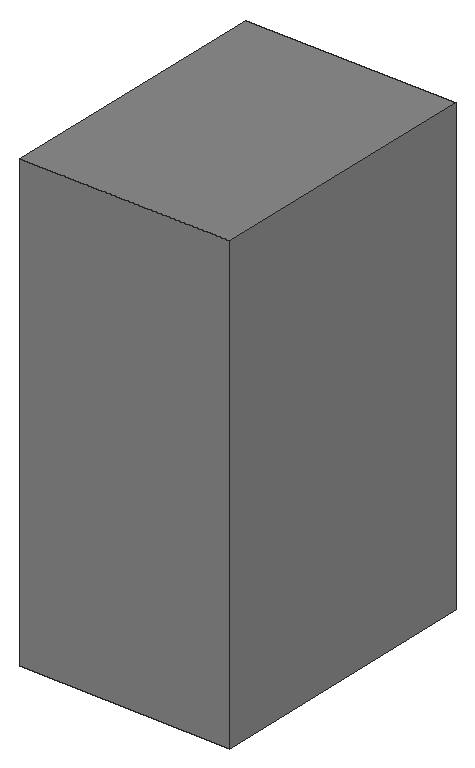
Revit family
Parameters (values of type "540 x 725 x 1170mm")
  Depth = 725.00 mm
  Furnace Material = Metal - Paint Finish - Dark Gray, Matte
  Height = 1170.00 mm
  Width = 540.00 mm
Reference planes
  plane 1 "Center (Front/Back)": y = 0
  plane 2: z = 0
  plane 3 "Center (Left/Right)": x = 0
  plane 4: x = -270
  plane 5: y = 362.5
  plane 6: x = 270
  plane 7: y = -362.5
  plane 8: z = 1170
  plane 9: through (0.144, 0, 0) normal (1, 0, 0.0001)
  plane 10: z = 959.711
  plane 11: z = 694.353
  plane 12: z = 846.753
  plane 13: x = -215.942
  plane 14: x = 12.783
  plane 15: x = -12.617
  plane 16: z = 554.653
  plane 17: z = 681.653
  plane 18: z = 1099.411
  plane 19: x = -241.342
  plane 20: x = 241.508
  plane 21: x = 216.108
  plane 22: z = 972.411
  plane 23: z = 834.053
  plane 24: z = 707.053
  plane 25: z = 541.953
  plane 26: z = 1112.111
  plane 27: z = 516.298
Forms (mm)
  Extrusion 1, solid, material "Metal - Paint Finish - Dark Gray, Matte" <- "Furnace Material"
    sketch origin (0, 0, 0) x (1, 0, 0) y (0, 1, 0)
      loop
        line (-270, -362.5) -> (270, -362.5) -> (270, 362.5) -> (-270, 362.5) -> (-270, -362.5)
    from 0 to 1170
Lines and regions (mm)
  symbolic lines
    curve 1: line (-270, -362.5, 0) -> (270, -362.5, 0)
    curve 2: line (-270, 362.5, 0) -> (-270, -362.5, 0)
    curve 3: line (270, 362.5, 0) -> (-270, 362.5, 0)
    curve 4: line (270, -362.5, 0) -> (270, 362.5, 0)
  model lines
    curve 5: line (-241.342, -362.5, 32.098) -> (241.508, -362.5, 32.098)
    curve 6: line (-241.342, -362.5, 516.298) -> (-241.342, -362.5, 32.098)
    curve 7: line (241.508, -362.5, 516.298) -> (-241.342, -362.5, 516.298)
    curve 8: line (241.508, -362.5, 32.098) -> (241.508, -362.5, 516.298)
    curve 9: line (-241.342, -362.5, 541.953) -> (241.508, -362.5, 541.953)
    curve 10: line (-241.342, -362.5, 1112.111) -> (-241.342, -362.5, 541.953)
    curve 11: line (241.508, -362.5, 1112.111) -> (-241.342, -362.5, 1112.111)
    curve 12: line (241.508, -362.5, 541.953) -> (241.508, -362.5, 1112.111)
    curve 13: line (-215.942, -362.5, 554.653) -> (-12.617, -362.5, 554.653)
    curve 14: line (-215.942, -362.5, 681.653) -> (-215.942, -362.5, 554.653)
    curve 15: line (-12.617, -362.5, 681.653) -> (-215.942, -362.5, 681.653)
    curve 16: line (-12.617, -362.5, 554.653) -> (-12.617, -362.5, 681.653)
    curve 17: line (12.783, -362.5, 554.653) -> (216.108, -362.5, 554.653)
    curve 18: line (12.783, -362.5, 681.653) -> (12.783, -362.5, 554.653)
    curve 19: line (216.108, -362.5, 681.653) -> (12.783, -362.5, 681.653)
    curve 20: line (216.108, -362.5, 554.653) -> (216.108, -362.5, 681.653)
    curve 21: line (-215.942, -362.5, 707.053) -> (-12.617, -362.5, 707.053)
    curve 22: line (-215.942, -362.5, 834.053) -> (-215.942, -362.5, 707.053)
    curve 23: line (-12.617, -362.5, 834.053) -> (-215.942, -362.5, 834.053)
    curve 24: line (-12.617, -362.5, 707.053) -> (-12.617, -362.5, 834.053)
    curve 25: line (12.783, -362.5, 707.053) -> (216.108, -362.5, 707.053)
    curve 26: line (12.783, -362.5, 834.053) -> (12.783, -362.5, 707.053)
    curve 27: line (216.108, -362.5, 834.053) -> (12.783, -362.5, 834.053)
    curve 28: line (216.108, -362.5, 707.053) -> (216.108, -362.5, 834.053)
    curve 29: line (-215.942, -362.5, 1099.411) -> (-215.942, -362.5, 616.811)
    curve 30: line (-12.617, -362.5, 1099.411) -> (-215.942, -362.5, 1099.411)
    curve 31: line (-12.617, -362.5, 972.411) -> (-12.617, -362.5, 1099.411)
    curve 32: line (12.783, -362.5, 1099.411) -> (12.783, -362.5, 972.411)
    curve 33: line (216.108, -362.5, 1099.411) -> (12.783, -362.5, 1099.411)
    curve 34: line (216.108, -362.5, 627.224) -> (216.108, -362.5, 1099.411)
    curve 35: line (-215.942, -362.5, 1081.268) -> (-12.617, -362.5, 1081.268)
    curve 36: line (-215.942, -362.5, 1063.125) -> (-12.617, -362.5, 1063.125)
    curve 37: line (-215.942, -362.5, 1044.982) -> (-12.617, -362.5, 1044.982)
    curve 38: line (-215.942, -362.5, 1026.839) -> (-12.617, -362.5, 1026.839)
    curve 39: line (-215.942, -362.5, 1008.696) -> (-12.617, -362.5, 1008.696)
    curve 40: line (-215.942, -362.5, 990.553) -> (-12.617, -362.5, 990.553)
    curve 41: line (-215.942, -362.5, 815.91) -> (-12.617, -362.5, 815.91)
    curve 42: line (-215.942, -362.5, 797.767) -> (-12.617, -362.5, 797.767)
    curve 43: line (-215.942, -362.5, 779.624) -> (-12.617, -362.5, 779.624)
    curve 44: line (-215.942, -362.5, 761.481) -> (-12.617, -362.5, 761.481)
    curve 45: line (-215.942, -362.5, 743.338) -> (-12.617, -362.5, 743.338)
    curve 46: line (-215.942, -362.5, 725.196) -> (-12.617, -362.5, 725.196)
    curve 47: line (-215.942, -362.5, 663.51) -> (-12.617, -362.5, 663.51)
    curve 48: line (-215.942, -362.5, 645.367) -> (-12.617, -362.5, 645.367)
    curve 49: line (-215.942, -362.5, 627.224) -> (-12.617, -362.5, 627.224)
    curve 50: line (-215.942, -362.5, 609.081) -> (-12.617, -362.5, 609.081)
    curve 51: line (-215.942, -362.5, 590.938) -> (-12.617, -362.5, 590.938)
    curve 52: line (-215.942, -362.5, 572.796) -> (-12.617, -362.5, 572.796)
    curve 53: line (-215.942, -362.5, 846.753) -> (216.108, -362.5, 846.753)
    curve 54: line (-215.942, -362.5, 959.711) -> (-215.942, -362.5, 846.753)
    curve 55: line (216.108, -362.5, 959.711) -> (-215.942, -362.5, 959.711)
    curve 56: line (216.108, -362.5, 846.753) -> (216.108, -362.5, 959.711)
    curve 57: line (-215.942, -362.5, 972.411) -> (-12.617, -362.5, 972.411)
    curve 58: line (12.783, -362.5, 972.411) -> (216.108, -362.5, 972.411)
    curve 59: line (216.108, -362.5, 1081.268) -> (12.783, -362.5, 1081.268)
    curve 60: line (12.783, -362.5, 1063.125) -> (216.108, -362.5, 1063.125)
    curve 61: line (12.783, -362.5, 1044.982) -> (216.108, -362.5, 1044.982)
    curve 62: line (12.783, -362.5, 1026.839) -> (216.108, -362.5, 1026.839)
    curve 63: line (12.783, -362.5, 990.553) -> (216.108, -362.5, 990.553)
    curve 64: line (12.783, -362.5, 1008.696) -> (216.108, -362.5, 1008.696)
    curve 65: line (12.783, -362.5, 815.91) -> (216.108, -362.5, 815.91)
    curve 66: line (12.783, -362.5, 797.767) -> (216.108, -362.5, 797.767)
    curve 67: line (12.783, -362.5, 779.624) -> (216.108, -362.5, 779.624)
    curve 68: line (12.783, -362.5, 761.481) -> (216.108, -362.5, 761.481)
    curve 69: line (12.783, -362.5, 743.338) -> (216.108, -362.5, 743.338)
    curve 70: line (12.783, -362.5, 725.196) -> (216.108, -362.5, 725.196)
    curve 71: line (12.783, -362.5, 663.51) -> (216.108, -362.5, 663.51)
    curve 72: line (12.783, -362.5, 645.367) -> (216.108, -362.5, 645.367)
    curve 73: line (12.783, -362.5, 627.224) -> (216.108, -362.5, 627.224)
    curve 74: line (12.783, -362.5, 590.938) -> (216.108, -362.5, 590.938)
    curve 75: line (12.783, -362.5, 572.796) -> (216.108, -362.5, 572.796)
    curve 76: line (12.783, -362.5, 609.081) -> (216.108, -362.5, 609.081)
Dimensions and locks
  equal spacing: plane 4, plane 3 "Center (Left/Right)", plane 6
  equal spacing: plane 7, plane 1 "Center (Front/Back)", plane 5
  "Depth": plane 7 to plane 5
  "Height": plane 8 to plane 2
  curve 5 to plane 2 = 32.098 mm
  "Width": plane 4 to plane 6
  plane 14 to plane 15 = 25.40 mm
  locked: plane 19 to plane 4 at 28.658
  locked: plane 13 to plane 19 at 25.4
  locked: plane 20 to plane 21 at 25.4
  locked: plane 6 to plane 20 at 28.492
  plane 18 to plane 22 = 127.00 mm
  plane 10 to plane 12 = 112.958 mm
  plane 23 to plane 24 = 127.00 mm
  plane 17 to plane 16 = 127.00 mm
  plane 22 to plane 10 = 12.70 mm
  plane 26 to plane 18 = 12.70 mm
  plane 12 to plane 23 = 12.70 mm
  plane 16 to plane 25 = 12.70 mm
  plane 24 to plane 11 to plane 17 = 12.70 mm, 12.70 mm
  plane 8 to plane 26 = 57.889 mm
  plane 25 to plane 27 = 25.655 mm
  equal spacing: plane 18, curve 35, curve 36, curve 37, curve 38, curve 39, curve 40, plane 22
  equal spacing: plane 23, curve 41, curve 42, curve 43, curve 44, curve 45, curve 46, plane 24
  equal spacing: plane 17, curve 47, curve 48, curve 49, curve 50, curve 51, curve 52, plane 16
  aligned and locked: plane 7 to curve 1
  aligned and locked: plane 5 to curve 4
  aligned and locked: Extrusion 1 sketch curve to curve 1
  aligned and locked: Extrusion 1 sketch curve to curve 3
  aligned and locked: Extrusion 1 sketch curve to plane 4
  aligned and locked: plane 6 to Extrusion 1 sketch curve
  aligned and locked: plane 21 to curve 56
  aligned and locked: curve 34 to curve 53
  aligned and locked: curve 20 to curve 25
  aligned and locked: Extrusion 1 to plane 8
  aligned and locked: curve 27 to plane 23
  aligned and locked: curve 26 to curve 23
  aligned and locked: plane 22 to curve 57
  aligned and locked: plane 22 to curve 58
  aligned and locked: curve 59 to curve 35
  aligned and locked: curve 36 to curve 60
  aligned and locked: curve 37 to curve 61
  aligned and locked: curve 38 to curve 62
  aligned and locked: curve 40 to curve 63
  aligned and locked: curve 39 to curve 64
  aligned and locked: curve 41 to curve 65
  aligned and locked: curve 42 to curve 66
  aligned and locked: curve 43 to curve 67
  aligned and locked: curve 44 to curve 68
  aligned and locked: curve 45 to curve 69
  aligned and locked: curve 46 to curve 70
  aligned and locked: curve 47 to curve 71
  aligned and locked: curve 48 to curve 72
  aligned and locked: curve 49 to curve 73
  aligned and locked: curve 51 to curve 74
  aligned and locked: curve 52 to curve 75
  aligned and locked: curve 50 to curve 76
Automatic sketch dimensions
  curve 3 to plane 4 = 0.00 mm
  curve 3 to plane 6 = 0.00 mm
  curve 12 to plane 20 = 0.00 mm
  curve 12 to plane 26 = 0.00 mm
  curve 33 to plane 14 = 0.00 mm
  curve 33 to plane 18 = 0.00 mm
  curve 31 to plane 15 = 0.00 mm
  curve 31 to plane 18 = 0.00 mm
  curve 54 to plane 10 = 0.00 mm
  curve 53 to plane 12 = 0.00 mm
  curve 21 to plane 13 = 0.00 mm
  curve 21 to plane 24 = 0.00 mm
  curve 26 to plane 14 = 0.00 mm
  curve 26 to plane 24 = 0.00 mm
  curve 19 to plane 14 = 0.00 mm
  curve 19 to plane 17 = 0.00 mm
  curve 15 to plane 13 = 0.00 mm
  curve 15 to plane 17 = 0.00 mm
  curve 29 to plane 13 = 0.00 mm
  curve 76 to plane 21 = 0.00 mm
  curve 13 to plane 15 = 0.00 mm
  curve 13 to plane 16 = 0.00 mm
  curve 17 to plane 16 = 0.00 mm
  curve 10 to plane 19 = 0.00 mm
  curve 10 to plane 25 = 0.00 mm
  curve 7 to plane 20 = 0.00 mm
  curve 7 to plane 27 = 0.00 mm
  curve 7 to plane 19 = 0.00 mm
  curve 55 to plane 13 = 0.00 mm
  curve 24 to plane 15 = 0.00 mm
  curve 29 to curve 50 = 7.729 mm
